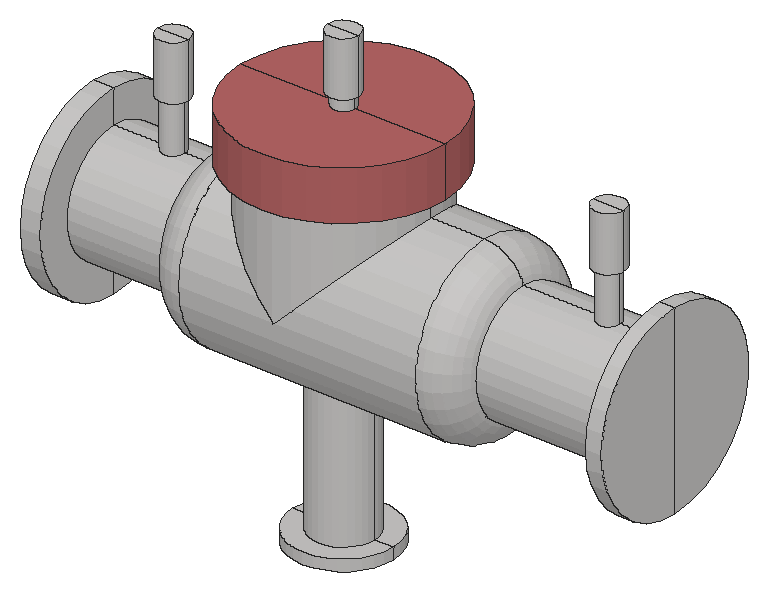
Revit family "Reduced_Pressure_Zone_Assemblies-Backflow_Prevention-LessShutoff-AMES-4000SSNRS_Series", category Pipe Accessories, Revit 2016
Family settings
  Part Type = Valve - Breaks Into
  Round Connector Dimension = Use Radius
  OmniClass Number = 23.65.55.14.21
  OmniClass Title = Non-Return Valves for Liquid Services
  Work Plane-Based = No
  Always vertical = Yes
  Cut with Voids When Loaded = No
  Shared = No
Parameters (values of type "4000SS-NRS - 2.5"")
  Width = 7"
  Valve_OAL = 22"
  URL = "http://www.amesfirewater.com"
  TC_Nipple_Rad = 27/64"
  TC_Body_Rad = 37/64"
  TC_Body_Length = 2 15/256"
  TC3_Dist = 19 1/2"
  TC2_Dist = 3"
  TC1_Dist = 1 1/2"
  Shipping Weight = 60 lbf
  Region = "North America"  # constant formula
  RV_Rad = 1 45/256"
  RV_Flange_Thk = 27/64"
  RV_Flange_Rad = 1 115/128"
  RV_Dist = 8 205/256"
  Product Page URL = "http://www.amesfirewater.com/Products/4000SS"
  Product Documentation Link = "http://media.wattswater.com/ES-A-4000SS.pdf"
  Pressure Rating = 175 psi  # constant formula
  OSY- UL/FM Outside Stem and Yoke, Resilient Seated Gate Valves = no
  NRS- Non-Rising Stern Resilient Seated Gate Valves = yes
  Model = "4000SS"  # constant formula
  Material = "Metal-AMES-300 Series-Stainless Steel"  # constant formula
  Manufacturer = "AMES Fire & Waterworks"  # constant formula
  Length = 37"
  K Coefficient Table = (empty or 0)
  GV_Stem_Rad = 113/256"
  GV_Stem_Dist = GV_OAL / 2  # 3 3/4"
  GV_Out_Flg_Ext_Dist = -73/128"
  GV_OSY_Stem_Hieght = 2 105/128"
  GV_OAL = 7 1/2"
  GV_Handle_Thk = 3/4"
  GV_Handle_Rad = 3 5/8"
  GV_Handle_Hieght = 13 3/4"
  GV_Flow_Rad = 1 77/128"
  GV_Flg_Thk = 73/128"
  GV_Flange_Rad = 3 1/2"
  GV_Bonnet_Hieght = 5"
  GV_Bonnet_Angle = 45.00°
  Flow Rate = "7.5 fps / 2.3 mps"
  Description = "Series 4000SS Reduced Pressure Zone Assemblies prevent the reverse flow of polluted water from entering into the potable water supply due to backsiphonage and or backpressure. It consists of a stainless steel body construction with stainless steel internal parts. The bottom-mounted relief valve is located between the two check valves, making it suitable for installations against an outside wall. Series 4000SS has a compact design with a short lay length, ideal for retrofit installations. The 4000SS is designed for health hazard applications. Check with local water authorities for installation requirements. Maximum Working Pressure: 175psi (12.06 bar)."  # constant formula
  Coupling_Thk = 1 225/256"
  Coupling_Rad = 3 7/8"
  Country = "United States"  # constant formula
  Connection_Rad = 1 1/4"
  Connection Type = "Flanged and/or Grooved Connection"  # constant formula
  Connection Size = Connection_Rad * 2  # 2 1/2"
  Connection Outlet Description = "2-1/2\" Flange Outlet"
  Connection Inlet Description = "2-1/2\" Flange Inlet"
  Chk_In_Cover = 9 113/256"
  Chk_In_Chk_Main = 4 45/128"
  Chk_Flow_Rad = 2 1/4"
  Chk_Flange_Thk = 3/4"
  Chk_Flange_Rad = 3 1/2"
  Chk_Cover_Rad = 3 41/128"
  Chk_Cover_Hieght = 6"
  Chk_Body_Rad = 3 41/128"
  Chk_Body_Length = 11 123/128"
  Chk_Body_Fillet = 1 1/2"
  CL_TC2-3 = 6 31/256"
  CL_TC1 = 4 9/64"
  CL_Cover_TC = 8 133/256"
  Assembly Code = "D2090900"
Types (7): name | Width | Valve_OAL | TC3_Dist | TC2_Dist | TC1_Dist | Shipping Weight | RV_Dist | Length | GV_Stem_Rad | GV_Stem_Dist | GV_Out_Flg_Ext_Dist | GV_OSY_Stem_Hieght | GV_OAL | GV_Handle_Thk | GV_Handle_Rad | GV_Handle_Hieght | GV_Flow_Rad | GV_Flg_Thk | GV_Flange_Rad | GV_Bonnet_Hieght | Coupling_Thk | Coupling_Rad | Connection_Rad | Connection Size | Connection Outlet Description | Connection Inlet Description | Chk_In_Cover | Chk_In_Chk_Main | Chk_Flow_Rad | Chk_Flange_Thk | Chk_Flange_Rad | Chk_Cover_Rad | Chk_Cover_Hieght | Chk_Body_Rad | Chk_Body_Length | Chk_Body_Fillet | CL_TC2-3 | CL_TC1 | CL_Cover_TC | Assembly Code
  (no name) | 7" | 22" | 19 1/2" | 3" | 1 1/2" | 60 lbf | 8 205/256" | 37" | 113/256" | 3 3/4" | -73/128" | 2 105/128" | 7 1/2" | 3/4" | 3 5/8" | 13 3/4" | 1 77/128" | 73/128" | 3 1/2" | 5" | 1 225/256" | 3 7/8" | 1 1/4" | 2 1/2" | "2-1/2\" Flange Outlet" | "2-1/2\" Flange Inlet" | 9 113/256" | 4 45/128" | 2 1/4" | 3/4" | 3 1/2" | 3 41/128" | 6" | 3 41/128" | 11 123/128" | 1 1/2" | 6 31/256" | 4 9/64" | 8 133/256" | "D2090900"
  4000SS-NRS - 2.5" | 7" | 22" | 19 1/2" | 3" | 1 1/2" | 60 lbf | 8 205/256" | 37" | 113/256" | 3 3/4" | -73/128" | 2 105/128" | 7 1/2" | 3/4" | 3 5/8" | 13 3/4" | 1 77/128" | 73/128" | 3 1/2" | 5" | 1 225/256" | 3 7/8" | 1 1/4" | 2 1/2" | "2-1/2\" Flange Outlet" | "2-1/2\" Flange Inlet" | 9 113/256" | 4 45/128" | 2 1/4" | 3/4" | 3 1/2" | 3 41/128" | 6" | 3 41/128" | 11 123/128" | 1 1/2" | 6 31/256" | 4 9/64" | 8 133/256" | "D2090900"
  4000SS-NRS - 3" | 7 1/2" | 22" | 19 1/2" | 3" | 1 1/2" | 62 lbf | 8 205/256" | 38" | 141/256" | 4" | -141/256" | 3 51/256" | 8" | 3/4" | 4" | 15 1/2" | 1 109/128" | 141/256" | 3 189/256" | 7" | 1 225/256" | 3 7/8" | 1 1/2" | 3" | "3\" Flange Outlet" | "3\" Flange Inlet" | 9 113/256" | 4 45/128" | 2 1/4" | 3/4" | 3 189/256" | 3 41/128" | 6" | 3 41/128" | 11 123/128" | 1 1/2" | 6 31/256" | 4 9/64" | 8 133/256" | "D2090900"
  4000SS-NRS - 4" | 9" | 22" | 19 1/2" | 3" | 1 57/64" | 65 lbf | 8 205/256" | 40" | 141/256" | 4 1/2" | -241/256" | 4 3/4" | 9" | 3/4" | 4 105/256" | 18" | 2 143/256" | 241/256" | 4 1/2" | 8" | 1 225/256" | 3 7/8" | 2" | 4" | "4\" Flange Outlet" | "4\" Flange Inlet" | 9 113/256" | 4 45/128" | 2 1/4" | 241/256" | 4 1/2" | 3 41/128" | 6" | 3 41/128" | 11 123/128" | 1 1/2" | 6 31/256" | 5 13/128" | 8 133/256" | "D2090900"
  4000SS-NRS - 6" | 11" | 27 1/2" | 24 3/4" | 2 1/4" | 2 13/128" | 110 lbf | 9 53/64" | 48 1/2" | 5/8" | 5 1/4" | -1" | 6 3/4" | 10 1/2" | 3/4" | 5 1/2" | 23 97/256" | 3 37/64" | 1" | 5 1/2" | 10" | 2 41/128" | 4 7/8" | 3" | 6" | "6\" Flange Outlet" | "6\" Flange Inlet" | 11 151/256" | 3 17/32" | 3 41/128" | 1" | 5 1/2" | 4 41/128" | 7 37/64" | 4 87/256" | 17" | 2" | 7 31/256" | 7 23/64" | 11 115/256" | 0"
  4000SS-NRS - 8" | 13 1/2" | 29 1/2" | 25 159/256" | 3 223/256" | 2 113/256" | 179 lbf | 11 109/128" | 52 1/2" | 169/256" | 5 3/4" | -1 23/128" | 8 1/2" | 11 1/2" | 3/4" | 5 1/2" | 30 1/2" | 4 17/32" | 1 23/128" | 6 3/4" | 14" | 2 41/128" | 5 7/8" | 4" | 8" | "8\" Flange Outlet" | "8\" Flange Inlet" | 13" | 3 33/256" | 4 21/64" | 1" | 6 3/4" | 5 3/8" | 9 37/128" | 6 23/64" | 23 69/256" | 2" | 10 115/128" | 8 79/256" | 13 39/64" | "D2090900"
  4000SS-NRS - 10" | 16" | 29 1/2" | 25 241/256" | 4 49/256" | 2 143/256" | 189 lbf | 11 109/128" | 55 1/2" | 215/256" | 6 1/2" | -1 23/128" | 11 77/256" | 13" | 1" | 6 7/32" | 38" | 5 77/128" | 1 23/128" | 8" | 15" | 2 41/128" | 5 7/8" | 5" | 10" | "10\" Flange Outlet" | "10\" Flange Inlet" | 13 1/32" | 2 51/128" | 5 51/128" | 1 31/256" | 8" | 5 3/8" | 9 67/256" | 6 23/64" | 24 179/256" | 2" | 10 233/256" | 9 95/256" | 13 39/64" | "D2090900"
Reference planes (in)
  plane 1 "Center (Front/Back)": y = 0
  plane 2: z = 0
  plane 3 "GV1_Outlet": x = 11.25
  plane 4 "GV2_Inlet": x = 33.25
  plane 5: x = 22.25
  plane 6: x = 22.25
Forms (in)
  Revolve 1, solid, material "Metal-AMES-300 Series-Stainless Steel", detail levels fine
    sketch origin (0, 0, 0) x (1, 0, 0) y (0, 0, 1)
      loop
        line (11.25, 0) -> (11.25, -3.5) -> (12, -3.5) -> (12, -2.25) -> (32.67969, -2.25) -> (32.67969, -3.5) -> (33.25, -3.5) -> (33.25, 0) -> (11.25, 0)
      axis (11.25, 0) -> (33.25, 0)
    angle from 0 to 360
  Revolve 2, solid, material "Metal-AMES-300 Series-Stainless Steel", detail levels fine
    sketch origin (0, 0, 0) x (1, 0, 0) y (0, 0, 1)
      loop
        line (15.60156, 0) -> (27.5625, 0) -> (27.5625, 1.82031)
        arc (27.5625, 1.82031) -> (27.12316, 2.88097) -> (26.0625, 3.32031) r 1.5
        line (26.0625, 3.32031) -> (17.10156, 3.32031)
        arc (17.10156, 3.32031) -> (16.0409, 2.88097) -> (15.60156, 1.82031) r 1.5
        line (15.60156, 1.82031) -> (15.60156, 0)
      axis (15.60156, 0) -> (27.5625, 0)
    angle from 0 to 360
  Revolve 3, solid, material "Metal-AMES-300 Series-Stainless Steel", detail levels fine
    sketch origin (0, 0, 0) x (1, 0, 0) y (0, 0, 1)
      loop
        line (20.69141, 0) -> (20.69141, 6) -> (16.81641, 6) -> (16.81641, 4.12109) -> (17.37109, 4.12109) -> (17.37109, 0) -> (20.69141, 0)
      axis (20.69141, 6) -> (20.69141, 0)
    angle from 0 to 360
  Revolve 4, solid, material "Metal-AMES-300 Series-Stainless Steel", detail levels fine
    sketch origin (0, 0, 0) x (1, 0, 0) y (0, 0, 1)
      loop
        line (14.25, 0) -> (14.25, 6.12109) -> (13.67188, 6.12109) -> (13.67188, 4.0625) -> (13.82813, 4.0625) -> (13.82813, 0) -> (14.25, 0)
      axis (14.25, 6.12109) -> (14.25, 0)
    angle from 0 to 360
  Revolve 5, solid, material "Metal-AMES-300 Series-Stainless Steel", detail levels fine
    sketch origin (0, 0, 0) x (1, 0, 0) y (0, 0, 1)
      loop
        line (30.75, 0) -> (30.75, 6.12109) -> (30.17188, 6.12109) -> (30.17188, 4.0625) -> (30.32813, 4.0625) -> (30.32813, 0) -> (30.75, 0)
      axis (30.75, 6.12109) -> (30.75, 0)
    angle from 0 to 360
  Revolve 6, solid, material "Metal-AMES-300 Series-Stainless Steel", detail levels fine
    sketch origin (0, 0, 0) x (1, 0, 0) y (0, 0, 1)
      loop
        line (20.69141, 0) -> (20.69141, 8.51953) -> (20.11328, 8.51953) -> (20.11328, 6.46094) -> (20.26953, 6.46094) -> (20.26953, 0) -> (19.51563, 0) -> (19.51563, -8.37891) -> (18.79297, -8.37891) -> (18.79297, -8.80078) -> (20.69141, -8.80078) -> (20.69141, 0)
      axis (20.69141, 8.51953) -> (20.69141, -8.80078)
    angle from 0 to 360
Lines and regions (in)
  Masking region 1, detail levels fine
    outline origin (0, 0, 9.375) x (-1, 0, 0) y (0, -1, 0)
      loop
        line (-11.25, 3.5) -> (-12, 3.5) -> (-12, 2.25) -> (-15.60156, 2.25)
        arc (-15.60156, 2.25) -> (-16.14275, 3.02334) -> (-17.0387, 3.32031) r 1.5
        line (-17.0387, 3.32031) -> (-26.12536, 3.32031)
        arc (-26.12536, 3.32031) -> (-27.02132, 3.02334) -> (-27.5625, 2.25) r 1.5
        line (-27.5625, 2.25) -> (-32.67969, 2.25) -> (-32.67969, 3.5) -> (-33.25, 3.5) -> (-33.25, -3.5) -> (-32.67969, -3.5) -> (-32.67969, -2.25) -> (-27.5625, -2.25)
        arc (-27.5625, -2.25) -> (-27.02132, -3.02334) -> (-26.12536, -3.32031) r 1.5
        line (-26.12536, -3.32031) -> (-17.0387, -3.32031)
        arc (-17.0387, -3.32031) -> (-16.14275, -3.02334) -> (-15.60156, -2.25) r 1.5
        line (-15.60156, -2.25) -> (-12, -2.25) -> (-12, -3.5) -> (-11.25, -3.5) -> (-11.25, 3.5)
  symbolic lines, detail levels fine
    curve 1: line (12, -2.25, 9.375) -> (12, 2.25, 9.375)
    curve 2: line (32.67969, -2.25, 9.375) -> (32.67969, 2.25, 9.375)
    curve 3: circle (14.25, 0, 9.375) r 0.57813 normal (0, 0, 1)
    curve 4: circle (20.69141, 0, 9.375) r 0.57813 normal (0, 0, 1)
    curve 5: circle (20.69141, 0, 9.375) r 1.17578 normal (0, 0, 1)
    curve 6: circle (30.75, 0, 9.375) r 0.57812 normal (0, 0, 1)
  model lines, detail levels coarse+medium
    curve 7: line (18.625, 1.09459, 0) -> (22.25, -1.09459, 0)
    curve 8: line (22.25, 1.09459, 0) -> (25.875, -1.09459, 0)
    curve 9: line (22.25, -1.09459, 0) -> (22.25, 1.09459, 0)
    curve 10: line (32.625, 1.09459, 0) -> (25.875, -1.09459, 0)
    curve 11: line (32.625, -1.09459, 0) -> (25.875, 1.09459, 0)
    curve 12: line (25.875, 1.09459, 0) -> (25.875, -1.09459, 0)
    curve 13: line (32.625, 1.09459, 0) -> (32.625, -1.09459, 0)
    curve 14: line (33.25, 0, 0) -> (32.625, 0, 0)
    curve 15: line (11.875, 1.09459, 0) -> (18.625, -1.09459, 0)
    curve 16: line (11.875, -1.09459, 0) -> (18.625, 1.09459, 0)
    curve 17: line (18.625, 1.09459, 0) -> (18.625, -1.09459, 0)
    curve 18: line (11.875, 1.09459, 0) -> (11.875, -1.09459, 0)
    curve 19: line (11.25, 0, 0) -> (11.875, 0, 0)
Dimensions and locks (in)
  "Valve_OAL": plane 4 "GV2_Inlet" to plane 3 "GV1_Outlet"
  "Chk_Flow_Rad": level to Revolve 1 sketch curve
  "Chk_Flange_Rad": level to Revolve 1 sketch curve
  "Chk_Flange_Thk": Revolve 1 sketch curve to Revolve 1 sketch curve
  "GV_Flg_Thk": Revolve 1 sketch curve to Revolve 1 sketch curve
  "Chk_Body_Rad": Revolve 2 sketch curve to level
  "Chk_In_Chk_Main": Revolve 2 sketch curve to plane 3 "GV1_Outlet"
  "Chk_Body_Length": Revolve 2 sketch curve to Revolve 2 sketch curve
  "Chk_In_Cover": Revolve 3 sketch curve to plane 3 "GV1_Outlet"
  "Coupling_Rad": Revolve 3 sketch curve to Revolve 3 sketch curve
  "Chk_Cover_Rad": Revolve 3 sketch curve to Revolve 3 sketch curve
  "Chk_Cover_Hieght": Revolve 3 sketch curve to level
  "Coupling_Thk": Revolve 3 sketch curve to Revolve 3 sketch curve
  "TC2_Dist": Revolve 4 sketch curve to plane 3 "GV1_Outlet"
  "TC_Body_Rad": Revolve 4 sketch curve to Revolve 4 sketch curve
  "TC_Nipple_Rad": Revolve 4 sketch curve to Revolve 4 sketch curve
  "TC_Body_Length": Revolve 4 sketch curve to Revolve 4 sketch curve
  "CL_TC2-3": Revolve 4 sketch curve to level
  "TC3_Dist": Revolve 5 sketch curve to plane 3 "GV1_Outlet"
  "TC_Body_Rad": Revolve 5 sketch curve to Revolve 5 sketch curve
  "TC_Nipple_Rad": Revolve 5 sketch curve to Revolve 5 sketch curve
  "Chk_In_Cover": Revolve 6 sketch curve to plane 3 "GV1_Outlet"
  "TC_Body_Rad": Revolve 6 sketch curve to Revolve 6 sketch curve
  "TC_Nipple_Rad": Revolve 6 sketch curve to Revolve 6 sketch curve
  "TC_Body_Length": Revolve 6 sketch curve to Revolve 6 sketch curve
  "CL_Cover_TC": Revolve 6 sketch curve to level
  "RV_Rad": Revolve 6 sketch curve to Revolve 6 sketch curve
  "RV_Flange_Rad": Revolve 6 sketch curve to Revolve 6 sketch curve
  "RV_Flange_Thk": Revolve 6 sketch curve to Revolve 6 sketch curve
  "RV_Dist": level to Revolve 6 sketch curve
  "Chk_Flow_Rad": Masking region 1 sketch curve to plane 1 "Center (Front/Back)"  (x2)
  "Chk_Body_Rad": plane 1 "Center (Front/Back)" to Masking region 1 sketch curve
  "Chk_Body_Rad": Masking region 1 sketch curve to plane 1 "Center (Front/Back)"
  "Chk_Body_Length": Masking region 1 sketch curve to Masking region 1 sketch curve  (x2)
  "Chk_In_Chk_Main": plane 3 "GV1_Outlet" to Masking region 1 sketch curve  (x2)
  equal spacing: plane 3 "GV1_Outlet", plane 6, plane 4 "GV2_Inlet"
  curve 18 to curve 16 to curve 17 = 3 3/8" locked, 3 3/8" locked
  curve 12 to curve 11 to curve 13 = 3 3/8" locked, 3 3/8" locked
  locked: curve 15 to plane 6 at 7
  locked: plane 6 to curve 10 at 7
  "Chk_Flange_Rad": plane 1 "Center (Front/Back)" to Masking region 1 sketch curve  (x2)
  "Chk_Flange_Rad": Masking region 1 sketch curve to plane 1 "Center (Front/Back)"  (x2)
  "Chk_Body_Fillet": radius of Revolve 2 sketch curve  (x2)
  radius of Masking region 1 sketch curve = 1 1/2"  (x4)
  aligned and locked: level to Revolve 1 sketch curve
  aligned and locked: Revolve 1 sketch curve to Revolve 1 sketch curve
  aligned and locked: Revolve 1 sketch curve to plane 3 "GV1_Outlet"
  aligned and locked: plane 4 "GV2_Inlet" to Revolve 1 sketch curve
  aligned and locked: Revolve 1 sketch curve to level
  aligned and locked: Revolve 2 sketch curve to level  (x2)
  aligned and locked: Revolve 3 sketch curve to level
  aligned and locked: Revolve 3 sketch curve to Revolve 3 sketch curve
  aligned and locked: Revolve 4 sketch curve to level
  aligned and locked: Revolve 4 sketch curve to Revolve 4 sketch curve
  aligned and locked: Revolve 5 sketch curve to level
  aligned and locked: Revolve 4 to Revolve 5 sketch curve
  aligned and locked: Revolve 5 sketch curve to Revolve 4
  aligned and locked: Revolve 5 sketch curve to Revolve 5 sketch curve
  aligned and locked: Revolve 6 sketch curve to Revolve 6 sketch curve
  aligned and locked: Revolve 6 sketch curve to level
  aligned and locked: Revolve 1 to Masking region 1 sketch curve  (x2)
  aligned and locked: Masking region 1 sketch curve to Revolve 1  (x2)
  aligned and locked: Masking region 1 sketch curve to Masking region 1 sketch curve  (x2)
  aligned and locked: curve 2 to Masking region 1  (x2)
  aligned and locked: Masking region 1 to curve 2
  aligned and locked: curve 1 to Masking region 1  (x2)
  aligned and locked: Masking region 1 to curve 1
  aligned and locked: curve 3 to Revolve 4
  aligned and locked: curve 4 to Revolve 6
  aligned and locked: curve 5 to Revolve 6
  aligned and locked: curve 6 to Revolve 5
  aligned and locked: plane 5 to plane 6
  aligned and locked: Masking region 1 sketch curve to plane 3 "GV1_Outlet"
  aligned and locked: plane 4 "GV2_Inlet" to Masking region 1 sketch curve
  aligned and locked: curve 13 to curve 14
  aligned and locked: curve 18 to curve 19
  aligned and locked: plane 1 "Center (Front/Back)" to curve 19
  aligned and locked: curve 14 to plane 1 "Center (Front/Back)"
  aligned and locked: plane 6 to curve 9
  aligned and locked: plane 4 "GV2_Inlet" to curve 14
  aligned and locked: plane 3 "GV1_Outlet" to curve 19
Automatic sketch dimensions
  Revolve 3 sketch curve to level = 0"
  Revolve 3 sketch curve to Revolve 3 sketch curve = 0"
  level to Revolve 4 sketch curve = 0.12"
  Revolve 4 sketch curve to Revolve 4 sketch curve = 0"
  Revolve 5 sketch curve to level = 0"
  Revolve 5 sketch curve to Revolve 5 sketch curve = 0"
  Revolve 6 sketch curve to level = 0"  (x2)
  Revolve 6 sketch curve to Revolve 6 sketch curve = 0"
  Revolve 1 sketch curve to plane 3 "GV1_Outlet" = 67.91868"
  Revolve 2 sketch curve to plane 3 "GV1_Outlet" = 67.91868"
  Revolve 1 sketch curve to Revolve 1 sketch curve = 35.84541"
  plane 4 "GV2_Inlet" to Revolve 2 sketch curve = 35.84541"
  plane 1 "Center (Front/Back)" to curve 16 = 1.09459"
  plane 1 "Center (Front/Back)" to curve 11 = 1.09459"
  plane 1 "Center (Front/Back)" to curve 17 = 1.09459"
  plane 1 "Center (Front/Back)" to curve 9 = 1.09459"
  curve 13 to plane 1 "Center (Front/Back)" = 1.09459"
  curve 19 to curve 15 = 1.09459"
  curve 12 to plane 1 "Center (Front/Back)" = 1.09459"
  curve 16 to plane 1 "Center (Front/Back)" = 1.09459"
  curve 9 to plane 1 "Center (Front/Back)" = 1.09459"
  plane 1 "Center (Front/Back)" to curve 8 = 1.09459"
Connectors (in)
  piping at (11.25, 0, 0), diameter 2.5, driven by "Connection_Rad", driven by "Connection Inlet Description"
    settings: on Revolve 1, index 3, connector inside diameter 24", connector length 0", flow factor 0, pipe flow 0 GPM, pressure drop 0.00 psi, fitting loss kfactor 0, connector angle 0.00°, fixture units 0, engagement length 0", angle of deflection 0.00°, flow configuration 0, flow direction 1, fitting loss method 0, system type 29, joint type 0, gender type 0, connector reference index -1, connector utility 0, adjustable connector no, is connector primary yes, connector description "2-1/2\" Flange Inlet"
  piping at (33.25, 0, 0), diameter 2.5, driven by "Connection_Rad", driven by "Connection Outlet Description"
    settings: on Revolve 1, index 4, connector inside diameter 24", connector length 0", flow factor 0, pipe flow 0 GPM, pressure drop 0.00 psi, fitting loss kfactor 0, connector angle 0.00°, fixture units 0, engagement length 0", angle of deflection 0.00°, flow configuration 0, flow direction 2, fitting loss method 0, system type 29, joint type 0, gender type 0, connector reference index -1, connector utility 0, adjustable connector no, is connector primary no, connector description "2-1/2\" Flange Outlet"
